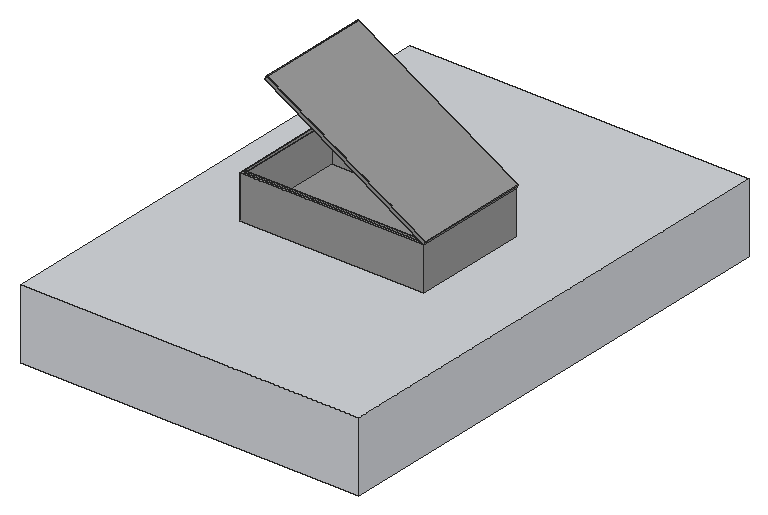
Revit family "Hager-Univers-IP44-D205-Cl.I-H500_Base-CH-de", category Equipement électrique, Revit 2020
Family settings
  Hôte = Face
  Configuration du panneau = Deux colonnes, circuits au sein
  Cote de connecteur circulaire = Utiliser le diamètre
  Type d'élément = Tableau de raccordement
  Couper avec des vides une fois chargée = Non
  Partagée = Non
  Point de calcul de pièce = Non
Parameters (values of type "Aufputz IP44 B800 H500 T205  - ZB013T")
  Width Control [instance] = if([EF000008 - Breite] > Min Width, [EF000008 - Breite], Min Width)  # 800 mm
  Commentaires du type = [HG000003 - Bereich]  # "Univers"
  Thickness Door [instance] = if([EF009171 - Materialstärke Tür/Deckel] > 3 mm, 3 mm, [EF009171 - Materialstärke Tür/Deckel])  # 1 mm
  Seal Frame Offset [instance] = 17 mm  # constant formula
  Plinth Visibility [instance] = [HG000027 - Sockelhöhe] > 0 mm  # no
  Model = ""
  Min Width [instance] = 100 mm  # constant formula
  Min Height [instance] = 100 mm  # constant formula
  Min Depth [instance] = (2 * [EF009170 - Materialstärke Gehäuse]) + 1 mm  # 3 mm
  Internal Frame Depth [instance] = (Door System Depth * 0.5)  # 9 mm
  Height Control [instance] = if([EF000040 - Höhe] > Min Height, [EF000040 - Höhe], Min Height)  # 500 mm
  HG000027 - Sockelhöhe = 0 mm
  HG000026 - Stehend auf dem Boden = no
  HG000024 - Höhe des unteren Teils = 800 mm
  HG000023 - Gehäuse mit doppeltem Querschnitt = no
  HG000016 - 3D-Türsichtbarkeit [instance] = yes
  HG000015 - Sichtbarkeit der Türöffnung [instance] = no
  HG000014 - Tür rechts [instance] = yes
  HG000013 - Tür links [instance] = not([HG000014 - Tür rechts])  # no
  HG000012 - Türschwenkwinkel [instance] = 30.00°
  HG000010 - Asymmetrische Türen = no
  HG000009 - Doppelflügeligen Tür = no
  HG000006 - Unterputz = no
  HG000004 - Herstellerreferenz = "ZB013T"
  HG000003 - Bereich = "Univers"
  HG000002 - Mit tür = yes
  Frame Offset Bottom [instance] = 10 mm  # constant formula
  Frame Offset [instance] = 15 mm  # constant formula
  EF015940 - Deckel mit Überdruckentlastung = no
  EF011959 - Schutzart (NEMA) = ""
  EF009554 - Anzahl der Öffnungen für Flanschplatten = 0
  Fabricant = "Hager"  # constant formula
  EF009212 - Ausführung Deckel = "EV000116 - geschlossen"
  EF009171 - Materialstärke Tür/Deckel = 1 mm
  EF009170 - Materialstärke Gehäuse = 1 mm
  EF008873 - Nennstrom (In) = 250 A
  EF007800 - Geeignet für Blitzschutz = no
  EF006306 - Mit Schloss = no
  EF006244 - Transparenter Deckel/Tür = no
  EF005474 - Schutzart (IP) = "EV006418 - IP44"
  EF004464 - Art der Tür = "EV003602 - Doppel"
  EF004427 - Anzahl der Module = 0
  EF004293 - Schlagfestigkeit = "EV006815 - IK09"
  EF003532 - Geeignet für Außengebrauch = no
  EF002950 - Breite in Teilungseinheiten = 0
  EF001613 - Funktionserhalt = "EV000494 - ohne"
  EF001596 - Werkstoff des Gehäuses = "EV000179 - Stahl"
  EF001131 - Innentiefe = 0 mm
  EF001088 - Anbaumöglichkeit = yes
  EF000437 - Anzahl der Leitungseinführungen = 0
  EF000339 - Art der Abdeckung = "EV004216 - Tür"
  EF000266 - Anzahl der Reihen = 0
  EF000218 - Einbautiefe = 0 mm
  EF000118 - Mit Montageplatte = no
  EF000116 - RAL-Nummer = "9010"
  EF000049 - Tiefe = 205 mm
  EF000040 - Höhe = 500 mm
  EF000008 - Breite = 800 mm
  EF000007 - Farbe = "EV000202 - weiß"
  EF000003 - Montageart = "EV000384 - Aufputz"
  Door System Leaf Tolerance [instance] = 1.5 mm  # constant formula
  Door System Depth [instance] = 18 mm  # constant formula
  Door Height [instance] = Height Control - [HG000027 - Sockelhöhe]  # 500 mm
  Depth Control [instance] = if([EF000049 - Tiefe] > Min Depth, [EF000049 - Tiefe], Min Depth)  # 205 mm
  Default Elevation = 0 mm
  Connector Offset [instance] = Height Control / 2  # 250 mm
  Bottom Top Plate Trim [instance] = 1.5 mm  # constant formula
  Plinth height Ctrl [instance] = if([HG000027 - Sockelhöhe] > 0 mm, [HG000027 - Sockelhöhe], 12 mm)  # 12 mm
Types (2, lengths in mm): name | Width Control | HG000004 - Herstellerreferenz | EF004464 - Art der Tür | EF000008 - Breite
  Aufputz IP44 B550 H500 T205  - ZB012T | 550 | "ZB012T" | "EV002646 - Einzel" | 550
  Aufputz IP44 B800 H500 T205  - ZB013T | 800 | "ZB013T" | "EV003602 - Doppel" | 800
Reference planes
  plane 1 "Center (Front/Back)": y = 0
  plane 2: z = 0
  plane 3 "Center (Left/Right)": x = 0
  plane 4: z = 205
  plane 5: y = 1
  plane 6: y = 250
  plane 7: y = 0
  plane 8: y = 500
  plane 9: z = 0
  plane 10: x = -385
  plane 11: x = 385
  plane 12: x = 384
  plane 13: x = -384
  plane 14: y = 499
  plane 15: x = -383
  plane 16: x = -400
  plane 17: x = 383
  plane 18: x = 400
  plane 19: x = 399
  plane 20: x = -399
  plane 21: y = 11
  plane 22: y = 500
  plane 23: y = 484
  plane 24: z = 187
  plane 25: z = 1
  plane 26: z = 186
  plane 27: z = 204
Forms (mm)
  Extrusion 1, solid
    sketch origin (0, 0, 0) x (1, 0, 0) y (0, 1, 0)
      loop
        line (-702.964, 1305) -> (-702.964, -811.445) -> (766.763, -811.445) -> (766.763, 1305) -> (-702.964, 1305)
    from 0 to -304.8
  Extrusion 2, solid, material "Hager_Steel_RAL7035_Light_Grey", visible <- "Plinth Visibility", detail levels medium+fine
    sketch origin (0, 0, 0) x (1, 0, 0) y (0, 1, 0)
      loop
        line (-400, 0) -> (400, 0) -> (400, 12) -> (-400, 12) -> (-400, 0)
    from 0 to 187
  Extrusion 3, solid, material "Hager_Steel_RAL7035_Light_Grey", detail levels medium+fine
    sketch origin (0, 0, 0) x (1, 0, 0) y (0, 1, 0)
      loop
        line (-400, 0) -> (400, 0) -> (400, 500) -> (-400, 500) -> (-400, 0)
    from 0 to 187
  Extrusion 4, void
    sketch origin (0, 0, 0) x (1, 0, 0) y (0, 1, 0)
      loop
        line (-399, 1) -> (399, 1) -> (399, 499) -> (-399, 499) -> (-399, 1)
    from 1 to 186
  Extrusion 5, void
    sketch origin (-381.607, -4572, 187) x (0, -1, 0) y (-1, 0, 0)
      loop
        line (-4583, 2.393) -> (-5056, 2.393) -> (-5056, -765.607) -> (-4583, -765.607) -> (-4583, 2.393)
    from 0 to 1 <- "EF009170 - Materialstärke Gehäuse"
  Extrusion 6, solid, material "Hager_Steel_RAL7035_Light_Grey", detail levels fine
    sketch origin (0, 0, 187) x (1, 0, 0) y (0, 1, 0)
      loop
        line (-384, 484) -> (-384, 11) -> (384, 11) -> (384, 484) -> (-384, 484)
      loop
        line (-385, 10) -> (385, 10) -> (385, 485) -> (-385, 485) -> (-385, 10)
    from 0 to 9 <- "Internal Frame Depth"
  Extrusion 7, solid, material "Hager_Steel_RAL7035_Light_Grey", detail levels coarse
    sketch origin (0, 0, 0) x (1, 0, 0) y (0, 1, 0)
      loop
        line (-400, 0) -> (400, 0) -> (400, 500) -> (-400, 500) -> (-400, 0)
    from 0 to 205
  Sweep 8, void
    path in 3D
      loop
        line (-400, 12, 0) -> (400, 12, 0) -> (400, 12, 187) -> (-400, 12, 187) -> (-400, 12, 0)
    profile origin (-400, 12, 93.5) x (-1, 0, 0) y (0, -1, 0)
      loop
        line (0, 0) -> (0, 1.5) -> (-1.5, 1.5)
        arc (-1.5, 1.5) -> (-1.061, 0.439) -> (0, 0) r 1.5
Cuts and joins
  Extrusion 4, Extrusion 5 cuts Extrusion 3
  Sweep 8 cuts Extrusion 2
Lines and regions (mm)
  Masking region 1
    outline origin (0, 0, 0) x (1, 0, 0) y (0, 0, 1)
      loop
        line (-400, 205) -> (-400, 0) -> (400, 0) -> (400, 205) -> (-400, 205)
  Masking region 2, detail levels medium+fine
    outline origin (0, 140, 0) x (0, 1, 0) y (0, 0, 1)
      loop
        line (-140, 0) -> (360, 0) -> (360, 187) -> (-140, 187) -> (-140, 0)
  Masking region 3, not visible, detail levels medium+fine
    outline origin (0, 297.922, 0) x (0, 1, 0) y (0, 0, 1)
      loop
        line (-36.422, 0) -> (3.578, 0) -> (3.578, 194)
        arc (3.578, 194) -> (0.649, 201.071) -> (-6.422, 204) r 10
        line (-6.422, 204) -> (-36.422, 204) -> (-36.422, 0)
  Masking region 4, detail levels coarse
    outline origin (0, 0, 180) x (0, 1, 0) y (0, 0, 1)
      loop
        line (0, -180) -> (500, -180) -> (500, 25) -> (0, 25) -> (0, -180)
  Masking region 5, visible <- "Plinth Visibility", detail levels medium+fine
    outline origin (0, 52.24, 12.345) x (0, 0, -1) y (0, 1, 0)
      loop
        line (10.845, -40.24) -> (-173.155, -40.24)
        arc (-173.155, -40.24) -> (-173.594, -41.301) -> (-174.655, -41.74) r 1.5
        line (-174.655, -41.74) -> (-174.655, -52.24) -> (12.345, -52.24) -> (12.345, -41.74)
        arc (12.345, -41.74) -> (11.285, -41.301) -> (10.845, -40.24) r 1.5
  Masking region 6, detail levels medium+fine
    outline origin (-381.607, -4572, 187) x (-1, 0, 0) y (0, -1, 0)
      loop
        line (18.393, -5072) -> (18.393, -4572) -> (-781.607, -4572) -> (-781.607, -5072) -> (18.393, -5072)
  Masking region 7, visible <- "Plinth Visibility", detail levels medium+fine
    outline origin (-381.607, -4727, 187) x (-1, 0, 0) y (0, -1, 0)
      loop
        arc (16.893, -4739) -> (17.332, -4737.939) -> (18.393, -4737.5) r 1.5
        line (18.393, -4737.5) -> (18.393, -4727) -> (-781.607, -4727) -> (-781.607, -4737.5)
        arc (-781.607, -4737.5) -> (-780.546, -4737.939) -> (-780.107, -4739) r 1.5
        line (-780.107, -4739) -> (16.893, -4739)
  Masking region 8, detail levels coarse
    outline origin (-442.548, -4669.526, 187) x (-1, 0, 0) y (0, -1, 0)
      loop
        line (-42.548, -5169.526) -> (-42.548, -4669.526) -> (-842.548, -4669.526) -> (-842.548, -5169.526) -> (-42.548, -5169.526)
  sketch lines
    curve 1: line (-400, 12, 187) -> (-400, 12, 0)
    curve 2: line (400, 12, 187) -> (-400, 12, 187)
    curve 3: line (400, 12, 187) -> (400, 12, 0)
    curve 4: line (-400, 12, 0) -> (400, 12, 0)
Dimensions and locks
  "Depth Control": plane 4 to Extrusion 1
  "HG000027 - Sockelhöhe": plane 1 "Center (Front/Back)" to plane 7
  "EF009170 - Materialstärke Gehäuse": plane 5 to plane 7
  locked: connector elem to plane 3 "Center (Left/Right)"
  equal spacing: plane 8, plane 6, plane 7
  locked: connector elem to plane 6
  "EF009170 - Materialstärke Gehäuse": plane 8 to plane 14
  "EF009170 - Materialstärke Gehäuse": plane 10 to plane 13
  "EF009170 - Materialstärke Gehäuse": plane 12 to plane 11
  "Frame Offset": plane 20 to plane 13
  "Frame Offset": plane 12 to plane 19
  "EF009170 - Materialstärke Gehäuse": plane 16 to plane 20
  "EF009170 - Materialstärke Gehäuse": plane 19 to plane 18
  "Seal Frame Offset": plane 16 to plane 15
  "Seal Frame Offset": plane 17 to plane 18
  "Frame Offset Bottom": plane 21 to plane 5
  "Frame Offset": plane 14 to plane 23
  equal spacing: plane 16, plane 3 "Center (Left/Right)", plane 18
  "Width Control": plane 16 to plane 18
  "EF009170 - Materialstärke Gehäuse": plane 4 to plane 27
  "EF009170 - Materialstärke Gehäuse": plane 24 to plane 26
  "EF009170 - Materialstärke Gehäuse": plane 25 to level
  "Door System Depth": plane 4 to plane 24
  "Height Control": plane 1 "Center (Front/Back)" to Extrusion 7 sketch curve
  "Height Control": Masking region 4 sketch curve to plane 1 "Center (Front/Back)"
  "Height Control": plane 1 "Center (Front/Back)" to plane 22
  "Bottom Top Plate Trim": profile plane to Sweep 8 sketch curve
  "Bottom Top Plate Trim": Sweep 8 sketch curve to profile plane
  "Plinth height Ctrl": plane 1 "Center (Front/Back)" to Extrusion 2 sketch curve
  "Plinth height Ctrl": Masking region 5 sketch curve to plane 1 "Center (Front/Back)"
  "Plinth height Ctrl": plane 1 "Center (Front/Back)" to Masking region 7 sketch curve
  "Thickness Door": Extrusion 6 sketch curve to Extrusion 6 sketch curve  (x3)
  "Thickness Door": cut or joined group of Extrusion 3, Extrusion 4, Extrusion 5 to Extrusion 6 sketch curve
  radius of Masking region 3 sketch curve = 10 mm
  "Bottom Top Plate Trim": radius of Masking region 5 sketch curve  (x2)
  "Bottom Top Plate Trim": radius of Sweep 8 sketch curve
  "Bottom Top Plate Trim": radius of Masking region 7 sketch curve  (x2)
  aligned and locked: plane 2 to Extrusion 1
  aligned and locked: level to Extrusion 1
  aligned and locked: level to Masking region 1 sketch curve
  aligned and locked: Masking region 1 sketch curve to plane 18
  aligned and locked: Masking region 1 sketch curve to plane 16
  aligned and locked: plane 7 to Masking region 2 sketch curve
  aligned and locked: level to Masking region 3 sketch curve
  aligned and locked: Masking region 3 sketch curve to plane 27
  aligned and locked: level to Masking region 2 sketch curve
  aligned and locked: plane 1 "Center (Front/Back)" to Extrusion 2 sketch curve
  aligned and locked: Extrusion 3 sketch curve to plane 7
  aligned and locked: plane 16 to Extrusion 3 sketch curve
  aligned and locked: plane 18 to Extrusion 3 sketch curve
  aligned and locked: plane 20 to Extrusion 4 sketch curve
  aligned and locked: plane 19 to Extrusion 4 sketch curve
  aligned and locked: Extrusion 4 sketch curve to plane 5
  aligned and locked: Extrusion 4 to plane 25
  aligned and locked: plane 26 to Extrusion 4
  aligned and locked: plane 24 to Extrusion 3
  aligned and locked: Extrusion 5 sketch curve to plane 21
  aligned and locked: Extrusion 5 sketch curve to plane 13
  aligned and locked: Extrusion 5 sketch curve to plane 12
  aligned and locked: plane 18 to Extrusion 7 sketch curve
  aligned and locked: plane 1 "Center (Front/Back)" to Extrusion 7 sketch curve
  aligned and locked: plane 16 to Extrusion 7 sketch curve
  aligned and locked: plane 4 to Extrusion 7
  aligned and locked: Extrusion 7 to level
  aligned and locked: level to Masking region 4 sketch curve
  aligned and locked: Masking region 4 sketch curve to plane 1 "Center (Front/Back)"
  aligned and locked: Masking region 4 sketch curve to plane 4
  aligned and locked: nested 1 to level
  aligned and locked: nested 1 to plane 16
  aligned and locked: plane 8 to Extrusion 3 sketch curve
  aligned and locked: plane 23 to Extrusion 5 sketch curve
  aligned and locked: plane 14 to Extrusion 4 sketch curve
  aligned and locked: Masking region 2 sketch curve to plane 8
  aligned and locked: level to Masking region 5 sketch curve
  aligned and locked: plane 16 to Extrusion 2 sketch curve
  aligned and locked: plane 18 to Extrusion 2 sketch curve
  aligned and locked: Masking region 5 sketch curve to plane 24
  aligned and locked: Masking region 2 sketch curve to plane 24
  aligned and locked: plane 24 to Extrusion 2
  aligned and locked: profile plane to Sweep 8 sketch curve  (x2)
  aligned and locked: Masking region 6 sketch curve to plane 18
  aligned and locked: Masking region 6 sketch curve to plane 22
  aligned and locked: Masking region 6 sketch curve to plane 16
  aligned and locked: plane 8 to plane 22
  aligned and locked: Masking region 6 sketch curve to plane 7
  aligned and locked: Masking region 7 sketch curve to plane 16
  aligned and locked: Masking region 7 sketch curve to plane 1 "Center (Front/Back)"
  aligned and locked: Masking region 7 sketch curve to plane 18
  aligned and locked: Masking region 8 sketch curve to plane 1 "Center (Front/Back)"
  aligned and locked: Masking region 8 sketch curve to plane 18
  aligned and locked: Masking region 8 sketch curve to plane 22
  aligned and locked: Masking region 8 sketch curve to plane 16
  aligned and locked: nested 2 to plane 7
  aligned and locked: plane 3 "Center (Left/Right)" to nested 2
  aligned and locked: nested 2 to plane 24
  aligned and locked: Extrusion 6 sketch curve to cut or joined group of Extrusion 3, Extrusion 4, Extrusion 5  (x4)
Automatic sketch dimensions
  Extrusion 1 sketch curve to Extrusion 1 sketch curve = 1469.727 mm
  Extrusion 1 sketch curve to Extrusion 1 sketch curve = 2116.445 mm
  Masking region 1 sketch curve to plane 4 = 0 mm
  plane 6 to Masking region 3 sketch curve = 11.5 mm
  Masking region 3 sketch curve to Masking region 3 sketch curve = 30 mm
  Masking region 5 sketch curve to plane 1 "Center (Front/Back)" = 0 mm
Nested families
  nested 1: "Hager_Enclosure_Symbol" at (-400, 0, 0) x (1, 0, 0) z (0, -1, 0), Height <- "Depth Control", Width <- "Width Control", type "Hager_Enclosure_Symbol"
    with Width_Ctrl 800 mm, Width 800 mm, Height_Ctrl 205 mm, Height 205 mm, A_Width_Int 13.453 mm, A_Width 161.438 mm, A_Height_Ctrl 179.375 mm, A_Height 179.375 mm
  nested 2: "EC000058_Univers_Door" at (0, 0, 187) x (1, 0, 0) z (0, 1, 0), Leaf_Tolerance <- "Door System Leaf Tolerance", Angle <- "HG000012 - Türschwenkwinkel", Door_Depth <- "Door System Depth", Door_Left <- "HG000013 - Tür links", Transparent <- "EF006244 - Transparenter Deckel/Tür", Assymetrical <- "HG000010 - Asymmetrische Türen", Width <- "Width Control", Clearance <- "HG000015 - Sichtbarkeit der Türöffnung", Double <- "HG000009 - Doppelflügeligen Tür", 3d_Door <- "HG000016 - 3D-Türsichtbarkeit", Lock_Visibility <- "EF006306 - Mit Schloss", Width_Ctrl <- "Width Control", Door_Right <- "HG000014 - Tür rechts", Door <- "HG000002 - Mit tür", Height <- "Door Height", Thickness <- "Thickness Door", type "EC000058_Univers_Door", detail levels medium+fine
    with min_wh 3 mm, Width_Ctrl 800 mm, Width 800 mm, Transparent no, Thickness 1 mm, Seal_Material Hager_Rubber, Lock_Visibility no, Lock_Material Hager_Plastic_RAL9005_Jet_Black, Leaf_Width 800 mm, Leaf_Tolerance_External_Sides 0 mm, Leaf_Tolerance 1.5 mm, Leaf_Offset 0 mm, Leaf_Height 497 mm, Leaf_2_Width 800 mm, Leaf_2_Offset 400 mm, Leaf_1_Width 800 mm, Leaf_1_Offset 400 mm, Height_Ctrl 500 mm, Height 500 mm, Glass_Material Hager_Glass, Double_Clearance_Ctrl no, Double no, Door_Right_Ctrl yes, Door_Right yes, Door_Material Hager_Steel_RAL7035_Light_Grey, Door_Left_Ctrl no, Door_Left no, Door_Depth 18 mm, Door yes, Clearance_Material Hager_Clearance, Clearance_Depth 800 mm, Clearance_Ctrl no, Clearance no, Assymetrical no, Angle 30.00°, 3d_Door yes
Connectors
  electrical at (0, 250, 0)
    settings: on plane 9, index 1, voltage 0 V, apparent load 0 VA, apparent load phase1 0 VA, apparent load phase2 0 VA, apparent load phase3 0 VA, power factor 1, load classification "Other", number of poles 1, system type 30, power factor state 1, is connector primary yes, connector utility no, sub classification motor no, connector description ""
Definition of nested family "EC000058_Univers_Door"
  Parameters (values of type "EC000058_Univers_Door")
    min_wh [instance] = (2 * Thickness) + 1 mm  # 11 mm
    Width_Ctrl [instance] = 400 mm
    Width [instance] = 500 mm
    Transparent [instance] = yes
    Thickness [instance] = 5 mm
    Seal_Material [instance] = none
    Lock_Visibility [instance] = yes
    Lock_Material [instance] = none
    Leaf_Width [instance] = if((Width_Ctrl - 2 * Leaf_Tolerance_External_Sides) > 0 mm, (Width_Ctrl - 2 * Leaf_Tolerance_External_Sides), min_wh)  # 400 mm
    Leaf_Tolerance_External_Sides [instance] = 0 mm  # constant formula
    Leaf_Tolerance [instance] = 1.5 mm
    Leaf_Offset [instance] = 0 mm  # constant formula
    Leaf_Height [instance] = if((Height_Ctrl - 2 * Leaf_Tolerance) > 0 mm, (Height_Ctrl - 2 * Leaf_Tolerance), min_wh)  # 497 mm
    Leaf_2_Width [instance] = if(and(and(Double, Assymetrical), Door_Left), (Leaf_Width / 3) - (Leaf_Tolerance / 2), if(and(and(Double, Assymetrical), Door_Right), (Leaf_Width / 3) * 2 - (Leaf_Tolerance / 2), if(and(Double, not(Assymetrical)), (Leaf_Width / 2) - Leaf_Tolerance, Leaf_Width)))  # 400 mm
    Leaf_2_Offset [instance] = if(and(Double, Assymetrical), Leaf_2_Width / 2, if(and(Double, not(Assymetrical)), Leaf_Width / 4, Leaf_Width / 2))  # 200 mm
    Leaf_1_Width [instance] = if(and(and(Double, Assymetrical), Door_Right), (Leaf_Width / 3) - (Leaf_Tolerance / 2), if(and(and(Double, Assymetrical), Door_Left), (Width / 3) * 2 - (Leaf_Tolerance / 2), if(and(Double, not(Assymetrical)), (Leaf_Width / 2) - Leaf_Tolerance, Leaf_Width)))  # 400 mm
    Leaf_1_Offset [instance] = if(and(Double, Assymetrical), Leaf_1_Width / 2, if(and(Double, not(Assymetrical)), Leaf_Width / 4, Leaf_Width / 2))  # 200 mm
    Height_Ctrl [instance] = if(Height > min_wh, Height, min_wh)  # 500 mm
    Height [instance] = 500 mm
    Glass_Material [instance] = none
    Double_Clearance_Ctrl [instance] = and(Double, Clearance)  # no
    Double [instance] = no
    Door_Right_Ctrl [instance] = and(or(Door_Right, Double), Door)  # yes
    Door_Right [instance] = yes
    Door_Material [instance] = none
    Door_Left_Ctrl [instance] = and(or(Door_Left, Double), Door)  # no
    Door_Left [instance] = no
    Door_Depth [instance] = 30 mm
    Door [instance] = yes
    Default Elevation = 1219.2 mm
    Clearance_Material [instance] = none
    Clearance_Depth [instance] = if(Leaf_1_Width > Leaf_2_Width, Leaf_1_Width, Leaf_2_Width)  # 400 mm
    Clearance_Ctrl [instance] = and(not(Double), Clearance)  # yes
    Clearance [instance] = yes
    Assymetrical [instance] = yes
    Angle [instance] = 30.00°
    3d_Door [instance] = yes
  Reference planes
    plane 1 "Center (Front/Back)": y = 0
    plane 2 "Bottom": z = 0
    plane 3 "Center (Left/Right)": x = 0
    plane 4: z = 500
    plane 5: x = -200
    plane 6: x = 200
    plane 7: z = 500
    plane 8: x = -200
    plane 9: z = 0
    plane 10: x = 200
    plane 11: y = 0
    plane 12: z = 1.5
    plane 13: x = -600
    plane 14: y = -400
    plane 15: x = 600
    plane 16: x = 0
    plane 17: x = 0
    plane 18: x = -200
    plane 19: x = 200
    plane 20: z = 498.5
  Forms (mm)
    Extrusion 1, solid, material <- "Clearance_Material", visible <- "Double_Clearance_Ctrl"
      sketch origin (1200, 0, 0) x (1, 0, 0) y (0, 0, -1)
        loop
          line (-1800, -498.5) -> (-600, -498.5) -> (-600, 0) -> (-1800, 0) -> (-1800, -498.5)
      from 0 to -400
  Dimensions and locks
    equal spacing: plane 5, plane 3 "Center (Left/Right)", plane 6
    "Width_Ctrl": plane 5 to plane 6
    "Leaf_Offset": plane 5 to plane 8
    "Leaf_Offset": plane 6 to plane 10
    "Leaf_Offset": plane 9 to level
    "Leaf_Offset": plane 4 to plane 7
    "Height_Ctrl": plane 4 to level
    "Leaf_Tolerance": plane 12 to plane 9
    locked: plane 11 to plane 1 "Center (Front/Back)"
    "Leaf_1_Offset": plane 18 to plane 16
    "Leaf_2_Offset": plane 17 to plane 19
    "Leaf_1_Width": plane 13 to plane 8
    "Leaf_2_Width": plane 10 to plane 15
    "Clearance_Depth": plane 14 to plane 1 "Center (Front/Back)"
    "Leaf_Tolerance_External_Sides": plane 8 to plane 18
    "Leaf_Tolerance_External_Sides": plane 19 to plane 10
    "Leaf_Tolerance": plane 7 to plane 20
    aligned and locked: level to plane 2 "Bottom"
    aligned and locked: nested 1 to plane 16
    aligned and locked: nested 2 to plane 17
    aligned and locked: Extrusion 1 to plane 13
    aligned and locked: plane 15 to Extrusion 1
    aligned and locked: Extrusion 1 to plane 14
    aligned and locked: plane 12 to nested 1
    aligned and locked: nested 2 to plane 12
    aligned and locked: Extrusion 1 to plane 11
    aligned and locked: plane 20 to Extrusion 1
    aligned and locked: nested 2 to plane 11
    aligned and locked: nested 1 to plane 11
  Automatic sketch dimensions
    Extrusion 1 sketch curve to level = 0 mm
    plane 5 to Extrusion 1 sketch curve = 400 mm
    plane 6 to Extrusion 1 sketch curve = 400 mm
    Extrusion 1 sketch curve to plane 4 = 1.5 mm
  Nested families
    nested 1: "EC000058_Univers_Door_Leaf" at (0, 0, 1.5), Width <- "Leaf_1_Width", visible <- "Door_Left_Ctrl", Leaf_Height <- "Leaf_Height", Angle <- "Angle", 3d_Door <- "3d_Door", Transparent <- "Transparent", Clearance Material <- "Clearance_Material", Clearance <- "Clearance_Ctrl", Door_Material <- "Door_Material", Glass_Material <- "Glass_Material", Door_Depth <- "Door_Depth", Lock_Material <- "Lock_Material", Seal_Material <- "Seal_Material", Lock_Visibility <- "Lock_Visibility", Thickness <- "Thickness", type "EC000058_Univers_Door_Leaf"
      with Width 400 mm, Transparent_Glass_Offset 30 mm, Transparent_Ctrl yes, Transparent yes, Thickness 5 mm, Standard no, Seal_Material none, Seal_D2 8 mm, Seal_D1 1 mm, Offset_Internal_Frame 10 mm, Lock_Width 20 mm, Lock_Visibility_3d yes, Lock_Visibility yes, Lock_Thickness_3 3 mm, Lock_Thickness_2 1 mm, Lock_Thickness_1 3 mm, Lock_Radius_Offset_2 16 mm, Lock_Radius_Offset_1 15 mm, Lock_Radius_2 5 mm, Lock_Radius 6 mm, Lock_Offset 5 mm, Lock_Material none, Lock_Height 80 mm, Lock_Cover_Top_Offset_2d 17 mm, Lock_Cover_Height -65 mm, Leaf_Height 497 mm, Internal_Seal_Thickness 8 mm, Internal_Seal_Depth_2 4.5 mm, Internal_Frame_Depth 25 mm, Glass_Thickness -1 mm, Glass_Offset -2 mm, Glass_Material none, Door_Material none, Door_Depth 30 mm, Clearance Material none, Clearance yes, Angle_Ctrl 30.00°, Angle 30.00°, 3d_Door yes
    nested 2: "EC000058_Univers_Door_Leaf" at (0, 0, 1.5) x (-1, 0, 0) z (0, 0, 1), Width <- "Leaf_2_Width", visible <- "Door_Right_Ctrl", Leaf_Height <- "Leaf_Height", Angle <- "Angle", 3d_Door <- "3d_Door", Transparent <- "Transparent", Clearance Material <- "Clearance_Material", Clearance <- "Clearance_Ctrl", Door_Material <- "Door_Material", Glass_Material <- "Glass_Material", Door_Depth <- "Door_Depth", Lock_Material <- "Lock_Material", Seal_Material <- "Seal_Material", Lock_Visibility <- "Lock_Visibility", Thickness <- "Thickness", type "EC000058_Univers_Door_Leaf"
      with Width 400 mm, Transparent_Glass_Offset 30 mm, Transparent_Ctrl yes, Transparent yes, Thickness 5 mm, Standard no, Seal_Material none, Seal_D2 8 mm, Seal_D1 1 mm, Offset_Internal_Frame 10 mm, Lock_Width 20 mm, Lock_Visibility_3d yes, Lock_Visibility yes, Lock_Thickness_3 3 mm, Lock_Thickness_2 1 mm, Lock_Thickness_1 3 mm, Lock_Radius_Offset_2 16 mm, Lock_Radius_Offset_1 15 mm, Lock_Radius_2 5 mm, Lock_Radius 6 mm, Lock_Offset 5 mm, Lock_Material none, Lock_Height 80 mm, Lock_Cover_Top_Offset_2d 17 mm, Lock_Cover_Height -65 mm, Leaf_Height 497 mm, Internal_Seal_Thickness 8 mm, Internal_Seal_Depth_2 4.5 mm, Internal_Frame_Depth 25 mm, Glass_Thickness -1 mm, Glass_Offset -2 mm, Glass_Material none, Door_Material none, Door_Depth 30 mm, Clearance Material none, Clearance yes, Angle_Ctrl 30.00°, Angle 30.00°, 3d_Door yes
  Definition of nested family "EC000058_Univers_Door_Leaf"
    Parameters (values of type "EC000058_Univers_Door_Leaf")
      Width [instance] = 2000 mm
      Transparent_Glass_Offset [instance] = 30 mm
      Transparent_Ctrl [instance] = and(Transparent, [3d_Door])  # yes
      Transparent [instance] = yes
      Thickness [instance] = 5 mm
      Standard [instance] = and(not(Transparent), [3d_Door])  # no
      Seal_Material [instance] = none
      Seal_D2 [instance] = 8 mm  # constant formula
      Seal_D1 [instance] = 1 mm  # constant formula
      Offset_Internal_Frame [instance] = 10 mm  # constant formula
      Lock_Width [instance] = 20 mm  # constant formula
      Lock_Visibility_3d [instance] = and(Lock_Visibility, [3d_Door])  # yes
      Lock_Visibility [instance] = yes
      Lock_Thickness_3 [instance] = 3 mm  # constant formula
      Lock_Thickness_2 [instance] = 1 mm  # constant formula
      Lock_Thickness_1 [instance] = 3 mm  # constant formula
      Lock_Radius_Offset_2 [instance] = Lock_Radius_Offset_1 + 1 mm  # 16 mm
      Lock_Radius_Offset_1 [instance] = 15 mm  # constant formula
      Lock_Radius_2 [instance] = Lock_Radius - 1 mm  # 5 mm
      Lock_Radius [instance] = 6 mm  # constant formula
      Lock_Offset [instance] = 5 mm  # constant formula
      Lock_Material [instance] = none
      Lock_Height [instance] = 80 mm  # constant formula
      Lock_Cover_Top_Offset_2d [instance] = Lock_Radius_Offset_2 + 1 mm  # 17 mm
      Lock_Cover_Height [instance] = -(Lock_Height - Lock_Radius_Offset_1)  # -65 mm
      Leaf_Height [instance] = 2720.336 mm
      Internal_Seal_Thickness [instance] = 8 mm  # constant formula
      Internal_Seal_Depth_2 [instance] = 4.5 mm  # constant formula
      Internal_Frame_Depth [instance] = if(Door_Depth - Thickness > 5 mm, Door_Depth - Thickness, 5 mm)  # 25 mm
      Glass_Thickness [instance] = if(Thickness > 15 mm, Glass_Offset + 10 mm, -1 mm)  # -1 mm
      Glass_Offset [instance] = if(Thickness > 15 mm, -(Thickness + 10 mm) / 2, -2 mm)  # -2 mm
      Glass_Material [instance] = none
      Door_Material [instance] = none
      Door_Depth [instance] = 30 mm
      Default Elevation = 0 mm
      Clearance Material [instance] = none
      Clearance [instance] = yes
      Angle_Ctrl [instance] = if(Angle > 180.00°, 180.00°, Angle)  # 90.00°
      Angle [instance] = 90.00°
      3d_Door [instance] = yes
    Reference planes
      plane 1 "Center (Front/Back)": y = 0
      plane 2: z = 0
      plane 3 "Center (Left/Right)": x = 0
      plane 4: y = 2000
      plane 5: x = -1000
      plane 6: x = 1000
      plane 7: x = -3000
      plane 8: z = 2720.336
      plane 9: z = 30
      plane 10: z = 2690.336
      plane 11: x = 970
      plane 12: x = -970
      plane 13: y = -3
      plane 14: z = 107.833
      plane 15: y = -5
      plane 16: y = -223.314
      plane 17: x = -1000
      plane 18: z = 1360.168
      plane 19: y = 30
    Forms (mm)
      Extrusion 1, solid, material <- "Clearance Material", visible <- "Clearance"
        sketch origin (0, 0, 0) x (1, 0, 0) y (0, 0, 1)
          loop
            line (-3000, 2720.336) -> (-3000, 0) -> (1000, 0) -> (1000, 2720.336) -> (-3000, 2720.336)
        from 0 to -2000
      Extrusion 2, solid, material <- "Door_Material", visible <- "Standard", detail levels medium+fine
        sketch origin (-1000, 0, 0) x (0, 1, 0) y (-1, 0, 0)
          loop
            line (0, 30) -> (0, 25) -> (2000, 25) -> (2000, 30) -> (0, 30)
        from 0 to 2720.336 <- "Leaf_Height"
      Extrusion 3, solid, material <- "Door_Material", visible <- "Transparent_Ctrl", detail levels medium+fine
        sketch origin (-1000, 0, 0) x (0, 1, 0) y (-1, 0, 0)
          loop
            line (0, 25) -> (2000, 25) -> (2000, 30) -> (0, 30) -> (0, 25)
        from 0 to 2720.336 <- "Leaf_Height"
      Extrusion 4, void
        sketch origin (-1025, 2000, 0) x (0, 1, 0) y (0, 0, -1)
          loop
            line (-30, -2690.336) -> (-30, -30) -> (-1970, -30) -> (-1970, -2690.336) -> (-30, -2690.336)
        from 0 to 5 <- "Thickness"
      Sweep 5, solid, material <- "Seal_Material", visible <- "Transparent_Ctrl", detail levels fine
        path in 3D
          loop
            line (-1025, 30, 30) -> (-1025, 30, 2690.336) -> (-1025, 1970, 2690.336) -> (-1025, 1970, 30) -> (-1025, 30, 30)
        profile origin (-1025, 1000, 30) x (1, 0, 0) y (0, 0, 1)
          loop
            line (0, 0) -> (0, -8) -> (1, -8) -> (1, 0) -> (0, 0)
      Extrusion 6, solid, material <- "Glass_Material", visible <- "Transparent_Ctrl", detail levels medium+fine
        sketch origin (-1030, 0, 0) x (0, 1, 0) y (0, 0, -1)
          loop
            line (1970, -2690.336) -> (1970, -30) -> (30, -30) -> (30, -2690.336) -> (1970, -2690.336)
        from -2 <- "Glass_Offset" to -1 <- "Glass_Thickness"
      Extrusion 7, solid, material <- "Door_Material", visible <- "3d_Door", detail levels medium+fine
        sketch origin (-1025, 2000, 0) x (0, -1, 0) y (0, 0, -1)
          loop
            line (0, -2720.336) -> (2000, -2720.336) -> (2000, 0) -> (0, 0) -> (0, -2720.336)
          loop
            line (1995, -5) -> (5, -5) -> (5, -2715.336) -> (1995, -2715.336) -> (1995, -5)
        from 0 to 25 <- "Internal_Frame_Depth"
      Sweep 8, solid, material <- "Seal_Material", visible <- "Transparent_Ctrl", detail levels fine
        path in 3D
          loop
            line (-1025, 0, 0) -> (-1025, 2000, 0) -> (-1025, 2000, 2720.336) -> (-1025, 0, 2720.336) -> (-1025, 0, 0)
        profile origin (-1025, 0, 1360.168) x (1, 0, 0) y (0, 1, 0)
          loop
            line (0, 10) -> (2.975, 10)
            arc (2.975, 10) -> (4.053, 10.447) -> (4.5, 11.525) r 1.525
            line (4.5, 11.525) -> (4.5, 16.527)
            arc (4.5, 16.527) -> (4.069, 17.569) -> (3.027, 18) r 1.473
            line (3.027, 18) -> (0, 18) -> (0, 10)
      Extrusion 9, solid, material <- "Lock_Material", visible <- "Lock_Visibility_3d", detail levels fine
        sketch origin (-1030, 0, 0) x (0, 1, 0) y (0, 0, -1)
          loop
            arc (1993.5, -1400.168) -> (1994.561, -1399.729) -> (1995, -1398.668) r 1.5
            line (1995, -1398.668) -> (1995, -1320.168) -> (1975, -1320.168) -> (1975, -1398.668)
            arc (1975, -1398.668) -> (1975.439, -1399.729) -> (1976.5, -1400.168) r 1.5
            line (1976.5, -1400.168) -> (1993.5, -1400.168)
        from 3 <- "Lock_Thickness_1" to 0
      Blend 10, solid, material <- "Lock_Material", visible <- "Lock_Visibility_3d", detail levels fine
        base sketch origin (-1033, 0, 0) x (0, 1, 0) y (0, 0, -1)
          loop
            line (1975, -1320.168) -> (1975, -1398.668)
            arc (1975, -1398.668) -> (1975.439, -1399.729) -> (1976.5, -1400.168) r 1.5
            line (1976.5, -1400.168) -> (1993.5, -1400.168)
            arc (1993.5, -1400.168) -> (1994.561, -1399.729) -> (1995, -1398.668) r 1.5
            line (1995, -1398.668) -> (1995, -1320.168) -> (1975, -1320.168)
        top sketch origin (-1033, 0, 0) x (0, 1, 0) y (0, 0, -1)
          loop
            line (1976, -1320.168) -> (1976, -1398.668)
            arc (1976, -1398.668) -> (1976.146, -1399.022) -> (1976.5, -1399.168) r 0.5
            line (1976.5, -1399.168) -> (1993.5, -1399.168)
            arc (1993.5, -1399.168) -> (1993.854, -1399.022) -> (1994, -1398.668) r 0.5
            line (1994, -1398.668) -> (1994, -1320.168) -> (1976, -1320.168)
        from 0 to 1 <- "Lock_Thickness_2"
      Blend 11, solid, material <- "Lock_Material", visible <- "Lock_Visibility_3d", detail levels fine
        base sketch origin (-1034, 0, 0) x (0, 1, 0) y (0, 0, -1)
          loop
            line (1978, -1320.168) -> (1978, -1384.168)
            arc (1978, -1384.168) -> (1985, -1391.168) -> (1992, -1384.168) r 7
            line (1992, -1384.168) -> (1992, -1320.168) -> (1978, -1320.168)
        top sketch origin (-1034, 0, 0) x (0, 1, 0) y (0, 0, -1)
          loop
            line (1991, -1320.168) -> (1979, -1320.168) -> (1979, -1383.168)
            arc (1979, -1383.168) -> (1985, -1389.168) -> (1991, -1383.168) r 6
            line (1991, -1383.168) -> (1991, -1320.168)
        from 0 to 3 <- "Lock_Thickness_3"
      Extrusion 12, solid, material <- "Lock_Material", visible <- "Lock_Visibility_3d", detail levels fine
        sketch origin (-1030, 1975, 1320.168) x (1, 0, 0) y (0, -1, 0)
          loop
            line (-7, -19) -> (-7, -1) -> (0, -1) -> (0, 0) -> (-8, 0) -> (-8, -20) -> (0, -20) -> (0, -19) -> (-7, -19)
        from 0 to -65 <- "Lock_Cover_Height"
      Extrusion 13, void
        sketch origin (-1038, 1995, 1320.168) x (-1, 0, 0) y (0, 0, -1)
          loop
            line (-5, -65) -> (0, -65) -> (-5, -60) -> (-5, -65)
        from 0 to 20 <- "Lock_Width"
      Extrusion 14, void
        sketch origin (-1038, 1975, 1320.168) x (0, -1, 0) y (0, 0, -1)
          loop
            circle (-10, -15.995) r 6
          loop
            circle (-10, -15.995) r 5
        from 0 to 2
      Extrusion 15, solid, material <- "Lock_Material", visible <- "Lock_Visibility_3d", detail levels medium
        sketch origin (-1030, 0, 0) x (0, 1, 0) y (0, 0, -1)
          loop
            arc (1993.5, -1400.168) -> (1994.561, -1399.729) -> (1995, -1398.668) r 1.5
            line (1995, -1398.668) -> (1995, -1320.168) -> (1975, -1320.168) -> (1975, -1398.668)
            arc (1975, -1398.668) -> (1975.439, -1399.729) -> (1976.5, -1400.168) r 1.5
            line (1976.5, -1400.168) -> (1993.5, -1400.168)
        from 8 to 0
    Cuts and joins
      Extrusion 4 cuts Extrusion 3
      Extrusion 13, Extrusion 14 cuts Extrusion 9
      Extrusion 14 cuts Blend 11
      Extrusion 13, Extrusion 14 cuts Extrusion 12
      joined: Extrusion 9, Blend 10, Blend 11, Extrusion 12
      Extrusion 14 cuts Extrusion 15
    Lines and regions (mm)
      Masking region 1, visible <- "Lock_Visibility", detail levels fine
        outline origin (0, 0, 0) x (0, 1, 0) y (0, 0, 1)
          loop
            line (30, 1320.168) -> (33, 1320.168) -> (33, 1400.168) -> (30, 1400.168) -> (30, 1320.168)
      Masking region 2, visible <- "Lock_Visibility", detail levels fine
        outline origin (0, 3.143, 0) x (0, 1, 0) y (0, 0, 1)
          loop
            line (29.857, 1354.168) -> (30.857, 1354.168) -> (30.857, 1366.168) -> (29.857, 1366.168) -> (29.857, 1354.168)
      Masking region 3, detail levels medium+fine
        outline origin (0, 0, 0) x (0, 1, 0) y (0, 0, 1)
          loop
            line (0, 0) -> (30, 0) -> (30, 2720.336) -> (0, 2720.336) -> (0, 0)
      Masking region 4, detail levels medium+fine
        outline origin (0, 0, 0) x (1, 0, 0) y (0, 0, 1)
          loop
            line (-1000, 2720.336) -> (-1000, 0) -> (1000, 0) -> (1000, 2720.336) -> (-1000, 2720.336)
      Masking region 5, visible <- "Lock_Visibility", detail levels fine
        outline origin (-47.116, 0, 0) x (1, 0, 0) y (0, 0, 1)
          loop
            arc (1024.616, 1399.168) -> (1023.556, 1398.729) -> (1023.116, 1397.668) r 1.5
            line (1023.116, 1397.668) -> (1023.116, 1320.168) -> (1041.116, 1320.168) -> (1041.116, 1397.668)
            arc (1041.116, 1397.668) -> (1040.677, 1398.729) -> (1039.616, 1399.168) r 1.5
            line (1039.616, 1399.168) -> (1024.616, 1399.168)
      Masking region 6, visible <- "Lock_Visibility", detail levels medium+fine
        outline origin (-25, 0, 0) x (1, 0, 0) y (0, 0, 1)
          loop
            arc (1001.5, 1400.168) -> (1000.439, 1399.729) -> (1000, 1398.668) r 1.5
            line (1000, 1398.668) -> (1000, 1320.168) -> (1020, 1320.168) -> (1020, 1398.668)
            arc (1020, 1398.668) -> (1019.561, 1399.729) -> (1018.5, 1400.168) r 1.5
            line (1018.5, 1400.168) -> (1001.5, 1400.168)
      Masking region 7, visible <- "Lock_Visibility", detail levels fine
        outline origin (-73.735, 0, 0) x (1, 0, 0) y (0, 0, 1)
          loop
            line (1051.735, 1382.168) -> (1065.735, 1382.168) -> (1065.735, 1384.168)
            arc (1065.735, 1384.168) -> (1058.735, 1391.168) -> (1051.735, 1384.168) r 7
            line (1051.735, 1384.168) -> (1051.735, 1382.168)
      Masking region 8, visible <- "Lock_Visibility", detail levels fine
        outline origin (-73.735, 0, 0) x (1, 0, 0) y (0, 0, 1)
          loop
            line (1052.735, 1382.168) -> (1064.735, 1382.168) -> (1064.735, 1383.168)
            arc (1064.735, 1383.168) -> (1058.735, 1389.168) -> (1052.735, 1383.168) r 6
            line (1052.735, 1383.168) -> (1052.735, 1382.168)
      Masking region 9, visible <- "Lock_Visibility", detail levels fine
        outline origin (-25, 0, 0) x (1, 0, 0) y (0, 0, 1)
          loop
            line (1020, 1320.168) -> (1020, 1382.168) -> (1000, 1382.168) -> (1000, 1320.168) -> (1020, 1320.168)
      Masking region 10, detail levels medium+fine
        outline origin (0, 0, 0) x (1, 0, 0) y (0, 0, 1)
          loop
            circle (985, 1335.144) r 6
      Masking region 11, detail levels fine
        outline origin (0, 0, 0) x (1, 0, 0) y (0, 0, 1)
          loop
            circle (985, 1335.144) r 5
      Masking region 12, visible <- "Lock_Visibility", detail levels fine
        outline origin (0, 12.767, 0) x (0, 1, 0) y (0, 0, 1)
          loop
            line (20.233, 1320.168) -> (21.233, 1320.168) -> (21.233, 1399.168) -> (20.233, 1400.168) -> (20.233, 1320.168)
      Masking region 13, visible <- "Lock_Visibility", detail levels fine
        outline origin (0, 13.767, -10) x (0, 1, 0) y (0, 0, 1)
          loop
            line (20.233, 1330.168) -> (23.233, 1330.168) -> (23.233, 1399.168) -> (20.233, 1402.168) -> (20.233, 1330.168)
      Masking region 14, visible <- "Lock_Visibility", detail levels fine
        outline origin (0, 12.767, -10) x (0, 1, 0) y (0, 0, 1)
          loop
            line (20.233, 1330.168) -> (25.233, 1330.168) -> (25.233, 1399.305) -> (20.233, 1394.305) -> (20.233, 1330.168)
      Masking region 15, visible <- "Lock_Visibility", detail levels medium
        outline origin (0, 0, 0) x (0, 1, 0) y (0, 0, 1)
          loop
            line (30, 1320.168) -> (38, 1320.168) -> (38, 1400.168) -> (30, 1400.168) -> (30, 1320.168)
      Masking region 16, visible <- "Lock_Visibility", detail levels fine
        outline origin (-1000, 0, 0) x (0, 1, 0) y (-1, 0, 0)
          loop
            line (1975, 30) -> (1995, 30) -> (1995, 38) -> (1975, 38) -> (1975, 30)
          loop
            line (1979, 37) -> (1976, 37) -> (1976, 34) -> (1978, 34) -> (1979, 37)
          loop
            line (1994, 37) -> (1991, 37) -> (1992, 34) -> (1994, 34) -> (1994, 37)
      Masking region 17, visible <- "Lock_Visibility", detail levels medium
        outline origin (-1000, 0, 0) x (0, 1, 0) y (-1, 0, 0)
          loop
            line (1975, 30) -> (1995, 30) -> (1995, 38) -> (1975, 38) -> (1975, 30)
      symbolic lines
        curve 1: line (1000, 0, 0) -> (-3000, 0, 0)
        curve 2: arc (1000, 0, 0) -> (-1000, 2000, 0) -> (-3000, 0, 0) r 2000
        curve 4: line (-1030, 0, 0) -> (-1030, 2000, 0)
      reference lines
        curve 3: line (-1000, 0, 0) -> (-1000, 2000, 0)
      symbolic lines, detail levels medium+fine
        curve 5: line (-1030, 2000, 0) -> (-1025, 2000, 0)
        curve 7: line (-1025, 0, 0) -> (-1030, 0, 0)
        curve 8: line (-1025, 0, 0) -> (-1000, 0, 0)
        curve 9: line (-1000, 0, 0) -> (-1000, 2000, 0)
        curve 10: line (-1000, 2000, 0) -> (-1025, 2000, 0)
      symbolic lines, detail levels fine
        curve 6: line (-1025, 2000, 0) -> (-1025, 0, 0)
      sketch lines
        curve 11: line (-1025, 0, 2720.336) -> (-1025, 0, 0)
        curve 12: line (-1025, 2000, 0) -> (-1025, 0, 0)
        curve 13: line (-1025, 2000, 2720.336) -> (-1025, 2000, 0)
        curve 14: line (-1025, 0, 2720.336) -> (-1025, 2000, 2720.336)
        curve 15: line (-1025, 1970, 30) -> (-1025, 30, 30)
        curve 16: line (-1025, 30, 30) -> (-1025, 30, 2690.336)
        curve 17: line (-1025, 1970, 2690.336) -> (-1025, 1970, 30)
        curve 18: line (-1025, 30, 2690.336) -> (-1025, 1970, 2690.336)
      symbolic lines, visible <- "Transparent", detail levels medium+fine
        curve 19: line (-970, 0, 2690.336) -> (970, 0, 2690.336)
        curve 20: line (-970, 0, 30) -> (-970, 0, 2690.336)
        curve 21: line (970, 0, 30) -> (-970, 0, 30)
        curve 22: line (970, 0, 2690.336) -> (970, 0, 30)
    Dimensions and locks
      "Width": plane 1 "Center (Front/Back)" to plane 4
      equal spacing: plane 5, plane 3 "Center (Left/Right)", plane 6
      "Width": plane 5 to plane 6
      "Width": plane 7 to plane 5
      "Leaf_Height": plane 8 to level
      "Width": curve 5 to curve 3
      "Width": curve 3 to curve 3
      plane 8 to plane 10 = 30 mm
      plane 9 to level = 30 mm
      plane 12 to plane 5 = 30 mm
      plane 6 to plane 11 = 30 mm
      Extrusion 1 to Extrusion 4 sketch curve = 30 mm
      "Transparent_Glass_Offset": curve 3 to Extrusion 4 sketch curve
      "Transparent_Glass_Offset": Extrusion 4 sketch curve to cut or joined group of Extrusion 3, Extrusion 4  (x2)
      cut or joined group of Extrusion 3, Extrusion 4 to Extrusion 6 sketch curve = 30 mm
      "Transparent_Glass_Offset": cut or joined group of Extrusion 3, Extrusion 4 to Extrusion 4 sketch curve
      "Thickness": curve 6 to curve 4
      "Thickness": Extrusion 7 sketch curve to Extrusion 7 sketch curve  (x4)
      "Door_Depth": curve 4 to curve 3
      "Offset_Internal_Frame": profile plane to Sweep 8 sketch curve
      "Internal_Seal_Thickness": Sweep 8 sketch curve to Sweep 8 sketch curve
      "Internal_Seal_Depth_2": profile plane to Sweep 8 sketch curve
      "Seal_D1": profile plane to Sweep 5 sketch curve
      "Seal_D2": profile plane to Sweep 5 sketch curve
      "Thickness": Extrusion 2 sketch curve to Extrusion 2 sketch curve
      equal spacing: Extrusion 9 sketch curve, plane 18, Extrusion 9 sketch curve  (x2)
      equal spacing: Masking region 1 sketch curve, plane 18, Masking region 1 sketch curve
      "Lock_Height": Masking region 1 sketch curve to Masking region 1 sketch curve
      "Lock_Radius": Masking region 2 sketch curve to plane 18 to Masking region 2 sketch curve
      Masking region 2 sketch curve to Masking region 1 = 1 mm
      "Door_Depth": plane 19 to plane 1 "Center (Front/Back)"
      "Lock_Thickness_1": Masking region 1 sketch curve to plane 19
      "Lock_Width": Extrusion 9 sketch curve to Extrusion 9 sketch curve
      "Lock_Height": Extrusion 9 sketch curve to Extrusion 9 sketch curve
      "Lock_Offset": cut or joined group of Extrusion 3, Extrusion 4 to Extrusion 9 sketch curve
      equal spacing: plane 8, plane 18, level
      "Lock_Radius_Offset_1": Blend 11 sketch curve to Blend 10
      locked: Blend 10 to Blend 11 sketch curve at 2  (x2)
      locked: var sketch to Blend 11 sketch curve at 1  (x2)
      "Lock_Radius_Offset_2": Blend 11 sketch curve to Blend 10
      locked: Extrusion 12 sketch curve to Extrusion 12 sketch curve at 1  (x3)
      Masking region 6 sketch curve to Masking region 6 sketch curve = 80 mm
      "Lock_Height": Masking region 6 sketch curve to Masking region 6 sketch curve
      "Lock_Width": Masking region 6 sketch curve to Masking region 6 sketch curve
      locked: Masking region 6 to Masking region 5 sketch curve at 1  (x3)
      locked: Masking region 5 to Masking region 7 sketch curve at 2  (x2)
      "Lock_Radius_Offset_1": Masking region 5 to Masking region 7 sketch curve
      "Lock_Radius_Offset_2": Masking region 5 to Masking region 8 sketch curve
      locked: Masking region 7 to Masking region 8 sketch curve at 1  (x2)
      "Lock_Cover_Top_Offset_2d": Masking region 5 to Masking region 9 sketch curve
      equal spacing: Masking region 9, Masking region 10 sketch curve, Masking region 9
      equal spacing: Masking region 9, Masking region 11 sketch curve, Masking region 9
      Extrusion 15 sketch curve to Extrusion 15 sketch curve = 80 mm
      "Lock_Width": Extrusion 15 sketch curve to Extrusion 15 sketch curve
      "Lock_Height": Extrusion 15 sketch curve to Extrusion 15 sketch curve
      equal spacing: Extrusion 15 sketch curve, plane 18, Extrusion 15 sketch curve
      "Lock_Thickness_3": Masking region 13 sketch curve to Masking region 13 sketch curve
      "Lock_Height": Masking region 12 sketch curve to Masking region 12 sketch curve
      locked: Masking region 13 sketch curve to Masking region 1 at 8
      locked: Masking region 14 sketch curve to Masking region 13 at 1
      locked: Masking region 14 sketch curve to Masking region 1 at 10.863
      "Lock_Height": Masking region 15 sketch curve to Masking region 15 sketch curve
      "Lock_Offset": Extrusion 15 sketch curve to cut or joined group of Extrusion 3, Extrusion 4
      "Lock_Offset": plane 6 to Masking region 6 sketch curve
      radius of Sweep 8 sketch curve = 1.525 mm
      radius of Sweep 8 sketch curve = 1.473 mm
      radius of Extrusion 9 sketch curve = 1.5 mm  (x2)
      "Lock_Radius": radius of Extrusion 14 sketch curve
      "Lock_Radius_2": radius of Extrusion 14 sketch curve
      "Lock_Radius": radius of Masking region 10 sketch curve
      "Lock_Radius_2": radius of Masking region 11 sketch curve
      radius of Extrusion 15 sketch curve = 1.5 mm  (x2)
      "Angle_Ctrl": angle plane 1 "Center (Front/Back)" to curve 3
      locked: Masking region 12 sketch curve to Masking region 12 sketch curve (angle 45.00°)
      locked: Masking region 13 sketch curve to Masking region 13 sketch curve (angle 45.00°)
      locked: Masking region 14 sketch curve to Masking region 14 sketch curve (angle 45.00°)
      aligned and locked: level to plane 2
      aligned and locked: Extrusion 1 to curve 1
      aligned and locked: plane 6 to Extrusion 1
      aligned and locked: Extrusion 1 to plane 1 "Center (Front/Back)"
      aligned and locked: plane 4 to Extrusion 1
      aligned and locked: plane 8 to Extrusion 1
      aligned and locked: curve 7 to Extrusion 2 sketch curve
      aligned and locked: curve 5 to Extrusion 2 sketch curve
      aligned and locked: curve 7 to Extrusion 3 sketch curve
      aligned and locked: Extrusion 3 sketch curve to curve 4
      aligned and locked: Extrusion 3 sketch curve to curve 6
      aligned and locked: Extrusion 3 sketch curve to curve 5
      aligned and locked: curve 9 to curve 3
      aligned and locked: Extrusion 7 sketch curve to cut or joined group of Extrusion 3, Extrusion 4  (x4)
      aligned and locked: plane 17 to curve 3
      aligned and locked: plane 1 "Center (Front/Back)" to curve 3
      aligned and locked: plane 17 to plane 5
      aligned and locked: Sweep 8 sketch curve to profile plane
      aligned and locked: Sweep 5 sketch curve to profile plane  (x2)
      aligned and locked: Masking region 1 to Masking region 2 sketch curve
      aligned and locked: plane 19 to Masking region 1 sketch curve
      aligned and locked: plane 1 "Center (Front/Back)" to Masking region 3 sketch curve
      aligned and locked: plane 19 to Masking region 3 sketch curve
      aligned and locked: level to Masking region 3 sketch curve
      aligned and locked: Masking region 3 sketch curve to plane 8
      aligned and locked: plane 17 to Masking region 4 sketch curve
      aligned and locked: level to Masking region 4 sketch curve
      aligned and locked: Masking region 4 sketch curve to plane 8
      aligned and locked: plane 12 to curve 20
      aligned and locked: plane 10 to curve 19
      aligned and locked: plane 11 to curve 22
      aligned and locked: curve 21 to plane 9
      aligned and locked: Extrusion 2 sketch curve to cut or joined group of Extrusion 3, Extrusion 4
      aligned and locked: Blend 10 sketch curve to Extrusion 9  (x4)
      aligned and locked: Extrusion 9 to Blend 10 sketch curve
      aligned and locked: Blend 10 to Blend 11 sketch curve
      aligned and locked: Extrusion 12 sketch curve to Blend 11
      aligned and locked: Extrusion 12 sketch curve to Extrusion 9  (x4)
      aligned and locked: Masking region 5 sketch curve to Masking region 6
      aligned and locked: Masking region 9 sketch curve to Masking region 6  (x3)
      aligned and locked: Masking region 12 sketch curve to Masking region 1
      aligned and locked: Masking region 13 sketch curve to Masking region 1
      aligned and locked: Masking region 12 to Masking region 14
      aligned and locked: Masking region 14 sketch curve to Masking region 1
      aligned and locked: Masking region 15 sketch curve to Masking region 14
      aligned and locked: Masking region 13 sketch curve to Masking region 12
      aligned and locked: Masking region 16 sketch curve to cut or joined group of Extrusion 14, Extrusion 15  (x4)
      aligned and locked: Masking region 16 sketch curve to cut or joined group of Extrusion 9, Blend 10, Blend 11, Extrusion 12, Extrusion 13, Extrusion 14  (x6)
      aligned and locked: cut or joined group of Extrusion 9, Blend 10, Blend 11, Extrusion 12, Extrusion 13, Extrusion 14 to Masking region 16 sketch curve
      aligned and locked: Masking region 17 sketch curve to cut or joined group of Extrusion 14, Extrusion 15  (x3)
      aligned and locked: Masking region 17 sketch curve to cut or joined group of Extrusion 9, Blend 10, Blend 11, Extrusion 12, Extrusion 13, Extrusion 14
      aligned and locked: Masking region 9 to Masking region 8 sketch curve
      aligned and locked: Masking region 9 to Masking region 7 sketch curve
    Automatic sketch dimensions
      plane 1 "Center (Front/Back)" to curve 2 = 0 mm
      curve 2 to plane 5 = 0 mm
      Extrusion 1 sketch curve to level = 0 mm
      Extrusion 1 sketch curve to plane 7 = 0 mm
      Extrusion 1 sketch curve to plane 6 = 0 mm
      Extrusion 1 sketch curve to plane 8 = 0 mm
      Extrusion 3 to Extrusion 6 sketch curve = 30 mm  (x4)
      Masking region 4 sketch curve to plane 6 = 0 mm
      Blend 10 sketch curve to Extrusion 9 = 1.5 mm
      Blend 10 sketch curve to Extrusion 9 = 1 mm
      Extrusion 13 sketch curve to Extrusion 12 = 0 mm  (x2)
      Extrusion 12 to Extrusion 13 sketch curve = 3 mm
      Extrusion 13 sketch curve to Extrusion 12 = 5 mm
      Extrusion 14 sketch curve to Extrusion 14 sketch curve = 0 mm  (x2)
      Extrusion 14 sketch curve to Extrusion 12 = 10 mm
      Extrusion 14 sketch curve to Extrusion 12 = 15.995 mm
      Masking region 5 sketch curve to Masking region 5 sketch curve = 1.5 mm  (x2)
      Masking region 10 sketch curve to plane 18 = 25.024 mm
      Masking region 11 sketch curve to plane 18 = 25.024 mm
      plane 19 to Masking region 14 sketch curve = 3 mm
      Masking region 16 sketch curve to Masking region 16 sketch curve = 3 mm
      curve 4 to curve 3 = 0 mm
      Blend 10 to Blend 11 sketch curve = 0 mm
      Masking region 6 sketch curve to Masking region 6 sketch curve = 1.5 mm  (x2)
      Masking region 6 sketch curve to plane 18 = 40 mm
      plane 19 to Masking region 12 sketch curve = 3 mm
      Masking region 12 sketch curve to Masking region 12 sketch curve = 1 mm
      Masking region 15 sketch curve to plane 19 = 0 mm
      Masking region 15 sketch curve to plane 18 = 40 mm
      radius of Blend 10 sketch curve to Extrusion 9 = 1 mm
Definition of nested family "Hager_Enclosure_Symbol"
  Parameters (values of type "Hager_Enclosure_Symbol")
    Width_Ctrl [instance] = if(Width > 1 mm, Width, 1 mm)  # 102.27 mm
    Width [instance] = 102.27 mm
    Height_Ctrl [instance] = if(Height > 1 mm, Height, 1 mm)  # 66.5 mm
    A_Width_Int [instance] = if(A_Width / 12 > 2 mm, A_Width / 12, 2 mm)  # 4.364 mm
    A_Width [instance] = if(A_Height_Ctrl * 0.9 > 2 mm, A_Height_Ctrl * 0.9, 2 mm)  # 52.369 mm
    A_Height_Ctrl [instance] = if(A_Height > 2 mm, A_Height, 2 mm)  # 58.188 mm
    Height [instance] = 66.5 mm
    A_Height [instance] = Height - (Height / 8)  # 58.188 mm
  Reference planes
    plane 1 "Centre (avant/arrière)": y = 0
    plane 2: z = 0
    plane 3 "Centre (gauche/droite)": x = 0
    plane 4: x = 52.369
    plane 5: y = 33.042
    plane 6: y = 41.77
    plane 7: y = 66.5
    plane 8: x = 26.184
    plane 9: y = 37.406
    plane 10: x = 102.27
    plane 11: y = 66.5
    plane 12: y = 8.313
  Lines and regions (mm)
    Filled region 1, type "Solid_Black", in view "Niveau de réf."
      outline origin (0, 0, 0) x (1, 0, 0) y (0, 1, 0)
        loop
          line (52.369, 66.5) -> (33.188, 54.536) -> (45.365, 45.006) -> (52.369, 66.5)
    Filled region 2, type "Solid_Black", in view "Niveau de réf."
      outline origin (0, 0, 0) x (1, 0, 0) y (0, 1, 0)
        loop
          line (0, 0) -> (102.27, 0) -> (102.27, 66.5) -> (0, 0)
    detail lines, in view "Niveau de réf."
      curve 1: line (0, 8.313, 0) -> (26.184, 41.77, 0)
      curve 2: line (26.184, 41.77, 0) -> (26.184, 33.042, 0)
      curve 3: line (26.184, 33.042, 0) -> (52.369, 66.5, 0)
  Dimensions and locks
    "A_Width": plane 3 "Centre (gauche/droite)" to plane 4
    equal spacing: plane 3 "Centre (gauche/droite)", plane 8, plane 4
    equal spacing: plane 6, plane 9, plane 5
    equal spacing: curve 3, Filled region 1 sketch curve, Filled region 1 sketch curve
    "Height_Ctrl": plane 1 "Centre (avant/arrière)" to plane 11
    "A_Height_Ctrl": plane 11 to plane 12
    equal spacing: plane 11, plane 9, plane 12
    "A_Width_Int": plane 6 to plane 9
    "Width_Ctrl": plane 3 "Centre (gauche/droite)" to plane 10
    angle Filled region 1 sketch curve to curve 3 = 20.00°
    angle curve 3 to Filled region 1 sketch curve = 20.00°
    locked: curve 3 to Filled region 1 sketch curve (angle 90.00°)
    aligned and locked: plane 10 to Filled region 2
    aligned and locked: plane 11 to Filled region 2 sketch curve
    aligned and locked: plane 10 to Filled region 2 sketch curve
    aligned and locked: plane 3 "Centre (gauche/droite)" to curve 1
    aligned and locked: plane 12 to curve 1
    aligned and locked: plane 7 to plane 11
  Automatic sketch dimensions
    Filled region 1 sketch curve to plane 4 = 0 mm
    Filled region 1 sketch curve to plane 7 = 0 mm
    plane 1 "Centre (avant/arrière)" to Filled region 2 sketch curve = 0 mm
    Filled region 2 sketch curve to plane 3 "Centre (gauche/droite)" = 0 mm
    curve 2 to plane 6 = 0 mm
    curve 2 to plane 8 = 0 mm
    curve 3 to plane 4 = 0 mm
    curve 2 to plane 5 = 0 mm
    curve 3 to plane 7 = 0 mm
